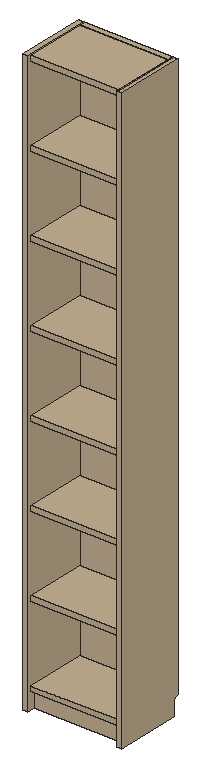
Revit family "Ikea_Kitaplık", category Casework, Revit 2019
Family settings
  OmniClass Number = 23.40.35.00
  OmniClass Title = Casework
  Work Plane-Based = No
  Always vertical = Yes
  Cut with Voids When Loaded = No
  Shared = No
  Room Calculation Point = No
Parameters (values of type "40x28x237")
  Süpürgelik Yüksekliği = 7 cm
  Raf_Genişliği = Width - 4 cm  # 36 cm
  Raf_Derinliği = Depth - 3 cm  # 25 cm
  Raf Sayısı = roundup(Height / 33 cm)  # 8
  Kitaplık Malzeme = Kitaplık Malzeme
  Depth = 28 cm
  Height = 237 cm
  Width = 40 cm
Types (7, lengths in cm): name | Raf_Genişliği | Raf Sayısı | Height | Width
  (no name) | 36 | 8 | 237 | 40
  80x28x238 | 76 | 8 | 238 | 80
  80x28x106 | 76 | 4 | 106 | 80
  80x28x202 | 76 | 7 | 202 | 80
  40x28x106 | 36 | 4 | 106 | 40
  40x28x202 | 36 | 7 | 202 | 40
  40x28x237 | 36 | 8 | 237 | 40
Reference planes (cm)
  plane 1 "Back": y = 0
  plane 2: z = 0
  plane 3 "Center (Left/Right)": x = 4.47
  plane 4 "Front": y = -28
  plane 5 "Left": x = -15.53
  plane 6 "Right": x = 24.47
  plane 7 "Top": z = 237
  plane 8: z = 7
Forms (cm)
  Extrusion 1, solid, material "Kitaplık Malzeme" <- "Kitaplık Malzeme"
    sketch origin (24.47, 0, 0) x (0, 1, 0) y (0, 0, 1)
      loop
        line (-28, 237) -> (-28, 0) -> (0, 0) -> (0, 237) -> (-28, 237)
    from 0 to -2
  Extrusion 2, solid, material "Kitaplık Malzeme" <- "Kitaplık Malzeme"
    sketch origin (-15.53, 0, 0) x (0, 1, 0) y (0, 0, 1)
      loop
        line (-28, 237) -> (-28, 0) -> (0, 0) -> (0, 237) -> (-28, 237)
    from 0 to 2
  Extrusion 3, solid, material "Kitaplık Malzeme" <- "Kitaplık Malzeme"
    sketch origin (0, 0, 0) x (1, 0, 0) y (0, 1, 0)
      loop
        line (-13.53, -23) -> (-13.53, -25) -> (22.47, -25) -> (22.47, -23) -> (-13.53, -23)
    from 0 to 7
  Extrusion 4, void
    sketch origin (24.47, 0, 0) x (0, 1, 0) y (0, 0, 1)
      loop
        line (0, 0) -> (0, 7)
        arc (0, 7) -> (-1.4142, 6.4142) -> (-2, 5) r 2
        line (-2, 5) -> (-2, 0) -> (0, 0)
    from -40 to 0
  Extrusion 5, solid, material "Kitaplık Malzeme" <- "Kitaplık Malzeme"
    sketch origin (0, 0, 0) x (1, 0, 0) y (0, 1, 0)
      loop
        line (-13.53, 0) -> (-13.53, -2) -> (22.47, -2) -> (22.47, 0) -> (-13.53, 0)
    from 7 to 237
Cuts and joins
  Extrusion 4 cuts Extrusion 1
  Extrusion 4 cuts Extrusion 2
Dimensions and locks (cm)
  "Width": plane 6 "Right" to plane 5 "Left"
  equal spacing: plane 6 "Right", plane 3 "Center (Left/Right)", plane 5 "Left"
  "Depth": plane 4 "Front" to plane 1 "Back"
  "Height": level to plane 7 "Top"
  "Süpürgelik Yüksekliği": plane 8 to plane 2
  locked: Extrusion 3 sketch curve to Extrusion 3 sketch curve at 2
  locked: Extrusion 3 sketch curve to plane 4 "Front" at 3
  locked: Extrusion 4 sketch curve to Extrusion 4 sketch curve at 2
  locked: Extrusion 5 sketch curve to Extrusion 5 sketch curve at 2
  equal spacing: group 1, group 3, group 4, group 5, group 6, group 7, group 8, group 2  (x2)
  equal spacing: group 2, group 8, group 7, group 6, group 5, group 4, group 3, group 1
  aligned and locked: level to plane 2
  aligned and locked: Extrusion 1 sketch curve to plane 4 "Front"
  aligned and locked: plane 7 "Top" to Extrusion 1 sketch curve
  aligned and locked: Extrusion 1 sketch curve to plane 1 "Back"
  aligned and locked: plane 2 to Extrusion 1 sketch curve
  aligned and locked: Extrusion 2 to Extrusion 3 sketch curve
  aligned and locked: Extrusion 1 to Extrusion 3 sketch curve
  aligned and locked: Extrusion 3 to plane 2
  aligned and locked: plane 8 to Extrusion 3
  aligned and locked: Extrusion 4 sketch curve to plane 1 "Back"
  aligned and locked: Extrusion 4 sketch curve to plane 2
  aligned and locked: Extrusion 4 to plane 5 "Left"
  aligned and locked: plane 6 "Right" to Extrusion 4
  aligned and locked: plane 1 "Back" to Extrusion 5 sketch curve
  aligned and locked: cut or joined group of Extrusion 2, Extrusion 4 to Extrusion 5 sketch curve
  aligned and locked: Extrusion 5 sketch curve to cut or joined group of Extrusion 1, Extrusion 4
  aligned and locked: Extrusion 5 to plane 7 "Top"
  aligned and locked: Extrusion 5 to plane 8
  aligned and locked: plane 3 "Center (Left/Right)" to nested 1
  aligned and locked: Extrusion 5 to nested 1
  aligned and locked: plane 7 "Top" to nested 1
  aligned and locked: nested 2 to plane 8
Automatic sketch dimensions
  Extrusion 2 sketch curve to level = 0 cm
  Extrusion 2 sketch curve to plane 4 "Front" = 0 cm
  Extrusion 2 sketch curve to plane 1 "Back" = 0 cm
  plane 7 "Top" to Extrusion 2 sketch curve = 0 cm
  Extrusion 4 sketch curve to plane 8 = 0 cm
Nested families (cm)
  nested 1: "Ikea_Raf Famliy" at (0, -2, 235), type "Ikea_Raf Famliy"
    with Depth 25 cm, Height 2 cm, Width 36 cm
  nested 2: "Ikea_Raf Famliy" at (0, -2, 7), type "Ikea_Raf Famliy"
    with Depth 25 cm, Height 2 cm, Width 36 cm
  nested 3: "Ikea_Raf Famliy" at (0, -2, 202.4286), type "Ikea_Raf Famliy"
    with Depth 25 cm, Height 2 cm, Width 36 cm
  nested 4: "Ikea_Raf Famliy" at (0, -2, 169.8571), type "Ikea_Raf Famliy"
    with Depth 25 cm, Height 2 cm, Width 36 cm
  nested 5: "Ikea_Raf Famliy" at (0, -2, 137.2857), type "Ikea_Raf Famliy"
    with Depth 25 cm, Height 2 cm, Width 36 cm
  nested 6: "Ikea_Raf Famliy" at (0, -2, 104.7143), type "Ikea_Raf Famliy"
    with Depth 25 cm, Height 2 cm, Width 36 cm
  nested 7: "Ikea_Raf Famliy" at (0, -2, 72.1429), type "Ikea_Raf Famliy"
    with Depth 25 cm, Height 2 cm, Width 36 cm
  nested 8: "Ikea_Raf Famliy" at (0, -2, 39.5714), type "Ikea_Raf Famliy"
    with Depth 25 cm, Height 2 cm, Width 36 cm
Definition of nested family "Ikea_Raf Famliy"
  Parameters (values of type "Ikea_Raf Famliy")
    Kaplama = none
    Depth = 28 cm
    Height = 50 cm
    Width = 50 cm
  Reference planes (cm)
    plane 1 "Back": y = 0
    plane 2: z = 0
    plane 3 "Center (Left/Right)": x = 4.47
    plane 4 "Front": y = -28
    plane 5 "Left": x = -20.53
    plane 6 "Right": x = 29.47
    plane 7 "Top": z = 50
  Forms (cm)
    Extrusion 1, solid, material <- "Kaplama"
      sketch origin (0, 0, 0) x (1, 0, 0) y (0, 1, 0)
        loop
          line (-20.53, 0) -> (-20.53, -28) -> (29.47, -28) -> (29.47, 0) -> (-20.53, 0)
      from 0 to 50
  Dimensions and locks (cm)
    "Width": plane 6 "Right" to plane 5 "Left"
    equal spacing: plane 6 "Right", plane 3 "Center (Left/Right)", plane 5 "Left"
    "Depth": plane 4 "Front" to plane 1 "Back"
    "Height": level to plane 7 "Top"
    aligned and locked: level to plane 2
    aligned and locked: plane 5 "Left" to Extrusion 1 sketch curve
    aligned and locked: plane 1 "Back" to Extrusion 1 sketch curve
    aligned and locked: Extrusion 1 sketch curve to plane 6 "Right"
    aligned and locked: Extrusion 1 sketch curve to plane 4 "Front"
    aligned and locked: Extrusion 1 to plane 7 "Top"
    aligned and locked: Extrusion 1 to plane 2
